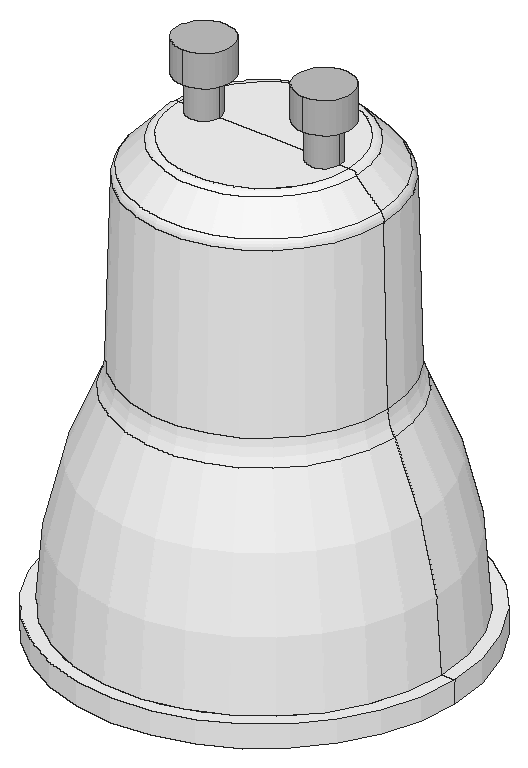
Revit family "STH8515_27", category Luminárias, Revit 2023
Family settings
  Cota do conector redondo = Utilizar diâmetro
  Tipo de parte = Normal
  Com base no plano de trabalho = Não
  Sempre na vertical = Sim
  Corte com vazios quando carregada = Não
  Fonte luminosa = Sim
  Manter orientação da anotação = Não
  Compartilhado = Não
  Ponto de cálculo do ambiente = Não
Parameters (values of type "STH8515/27 - BIVOLT - 2700K - 210lm - 36º")
  Ângulo de inclinação = 90.00°
  Ângulo de Abertura = "36°"
  Wattage = 1.41374 W
  Vidro = Vidro
  URL = "https://stella.com.br/"
  Troca de temperatura da cor de lâmpada com esmaecimento = <Nenhum>
  Tensão Elétrica = "100V-240V"
  built-in parameter 1150107 = 2700 (stored number, unit not read)
  Temperatura da cor (K) = 2700 K
  Referência = "STH8515/27 - BIVOLT"
  Potência = 3.5 W
  built-in parameter 1150110 = 1 (stored number, unit not read)
  built-in parameter 1150109 = 1 (stored number, unit not read)
  built-in parameter 1114218 = 1 (stored number, unit not read)
  built-in parameter 1150112 = 1 (stored number, unit not read)
  built-in parameter 1150113 = 1 (stored number, unit not read)
  built-in parameter 1150132 = 2
  built-in parameter 1150137 = (empty or 0)
  Modelo = "Mini Dicroica MR11 ECO - Dimerizável BDT\r\nAR70 PRO 7º 4,7W\r\nAR 70 PRO 7º 4,7W"
  Luminoso [instance] = Luminoso - 2700K
  built-in parameter 1150106 = 0.16711 (stored number, unit not read)
  built-in parameter 1150102 = (empty or 0)
  built-in parameter 1150105 = 16.711 (stored number, unit not read)
  IRC (Índice de reprodução de cores) = ">80"
  Grau de proteção (IP) = "IP20"
  Fluxo Luminoso = 210 lm
  Color Filter = 16777215
  built-in parameter 1114217 = 1 (stored number, unit not read)
  built-in parameter 1150139 = (empty or 0)
  Fabricante = "Stella"
  Estrutura [instance] = Al - Branco
  Default Elevation = 0.00 m
  built-in parameter 1150104 = 13.8 (stored number, unit not read)
  Diâmetro = 0.035 m
  Dimerização = "20-100%"
  built-in parameter 1150115 = 1 (stored number, unit not read)
  built-in parameter 1150114 = 1 (stored number, unit not read)
  Cromado = Cromado
  Lumens = 210 lm
  built-in parameter 1150138 = (empty or 0)
  built-in parameter 1150134 = (empty or 0)
  Arquivo de rede fotométrica = "STELLA - STH8515-27 - MINI DICROICA 3,5W DIM.ies"
  Altura = 0.046961 m
  built-in parameter 1150133 = 10 (stored number, unit not read)
Reference planes (m)
  plane 1 "Centro (Frente/Trás)": y = 0
  plane 2: z = 0
  plane 3 "Centro (Esquerda/Direita)": x = 0
  plane 4: x = 0.0175
  plane 5: x = -0.0175
  plane 6 "Superior": z = 0.044961
  plane 7 "Base": z = -0.002
  plane 8: y = 0.0175
  plane 9: y = -0.0175
Forms (m)
  Revolve 1, solid, material "Vidro" <- "Vidro"
    sketch origin (0, 0, -0.007567) x (1, 0, 0) y (0, 0, 1)
      loop
        arc (-0.0051, 0.006418) -> (-0.002575, 0.005881) -> (0, 0.005702) r 0.018517
        line (0, 0.005702) -> (0, 0.007974) -> (-0.0051, 0.007974) -> (-0.010382, 0.006038) -> (-0.014775, 0.006038)
        arc (-0.014775, 0.006038) -> (-0.014904, 0.005307) -> (-0.014946, 0.004567) r 0.00642
        line (-0.014946, 0.004567) -> (-0.010197, 0.004567) -> (-0.0051, 0.006418)
      axis (0, 0.007974) -> (0, 0.004567)
    angle from 0 to 360
  Extrusion 2, solid, material "Cromado"
    sketch origin (-0.0005, 0, 0) x (1, 0, 0) y (0, 1, 0)
      loop
        circle (-0.00505, 0) r 0.00145
    from 0.0388 to 0.042061
  Extrusion 3, solid, material "Cromado"
    sketch origin (-0.00085, 0.000392, 0) x (1, 0, 0) y (0, 1, 0)
      loop
        circle (-0.0047, -0.000392) r 0.00245
    from 0.042061 to 0.044961
  Extrusion 4, solid, material "Cromado"
    sketch origin (0.0005, 0, 0) x (-1, 0, 0) y (0, -1, 0)
      loop
        circle (-0.00505, 0) r 0.00145
    from 0.0388 to 0.042061
  Revolve 5, solid, material "Luminoso - 2700K" <- "Luminoso"
    sketch origin (0, 0, -0.004764) x (1, 0, 0) y (0, 0, 1)
      loop
        line (0, 0.005171) -> (0, 0.006241) -> (-0.0051, 0.006241) -> (-0.0051, 0.005171) -> (0, 0.005171)
      axis (0, 0.006241) -> (0, 0.005171)
    angle from 0 to 360
  Revolve 6, solid, material "Cromado" <- "Cromado"
    sketch origin (0, 0, 0.000939) x (1, 0, 0) y (0, 0, 1)
      loop
        line (-0.010382, -0.002467) -> (-0.0051, -0.000531) -> (-0.0051, 0.000539) -> (-0.010324, -0.001698) -> (-0.014555, -0.001698) -> (-0.014775, -0.002467) -> (-0.010382, -0.002467)
      axis (0, 0.000539) -> (0, -0.002467)
    angle from 0 to 360
  Extrusion 7, solid, material "Cromado"
    sketch origin (0.01025, 0.000392, 0) x (1, 0, 0) y (0, 1, 0)
      loop
        circle (-0.0047, -0.000392) r 0.00245
    from 0.042061 to 0.044961
  Revolve 8, solid, material "Al - Branco" <- "Estrutura"
    sketch origin (0, 0, 0) x (1, 0, 0) y (0, 0, 1)
      loop
        arc (0.011063, 0.03545) -> (0.010975, 0.035867) -> (0.010743, 0.036224) r 0.00117
        line (0.010743, 0.036224) -> (0.008596, 0.038488)
        arc (0.008596, 0.038488) -> (0.008265, 0.038719) -> (0.00787, 0.0388) r 0.001
        line (0.00787, 0.0388) -> (0.00005, 0.0388) -> (0.00005, 0.0374) -> (0.007698, 0.0374) -> (0.009666, 0.035324) -> (0.010066, 0.020143)
        arc (0.010066, 0.020143) -> (0.01027, 0.018716) -> (0.010789, 0.017371) r 0.0064
        arc (0.010789, 0.017371) -> (0.013969, 0.008943) -> (0.01505, 0) r 0.03754
        line (0.01505, 0) -> (0.01505, -0.002) -> (0.01765, -0.002) -> (0.01765, 0) -> (0.01645, 0)
        arc (0.01645, 0) -> (0.015329, 0.009276) -> (0.01203, 0.018019) r 0.03894
        arc (0.01203, 0.018019) -> (0.011625, 0.019069) -> (0.011465, 0.020184) r 0.005
        line (0.011465, 0.020184) -> (0.011063, 0.03545)
      axis (0, 0.0388) -> (0, -0.002)
    angle from 0 to 360
Cuts and joins
  joined: Extrusion 2, Extrusion 3
Dimensions and locks (m)
  "Altura": plane 6 "Superior" to plane 7 "Base"
  "Diâmetro": plane 8 to plane 9
  aligned and locked: level to plane 2
Automatic sketch dimensions
  Revolve 1 sketch curve to plane 7 "Base" = 0.001 m
  Revolve 1 sketch curve to plane 3 "Centro (Esquerda/Direita)" = 0.00 m  (x2)
  level to Revolve 1 sketch curve = 0.000407 m
  Revolve 1 sketch curve to plane 3 "Centro (Esquerda/Direita)" = 0.0051 m
  Revolve 1 sketch curve to level = 0.001149 m
  Revolve 1 sketch curve to Revolve 1 sketch curve = 0.00 m
  Revolve 1 sketch curve to Revolve 1 sketch curve = 0.003427 m
  Revolve 1 sketch curve to Revolve 1 sketch curve = 0.001671 m
  Revolve 1 sketch curve to level = 0.001528 m
  Revolve 1 sketch curve to Revolve 1 sketch curve = 0.000185 m
  plane 5 to Revolve 1 sketch curve = 0.002725 m
  Revolve 1 sketch curve to level = 0.001865 m
  Revolve 1 sketch curve to plane 7 "Base" = 0.011049 m
  Revolve 1 sketch curve to Revolve 1 sketch curve = 0.001226 m
  plane 1 "Centro (Frente/Trás)" to Extrusion 2 sketch curve = 0.00 m
  Extrusion 2 sketch curve to plane 3 "Centro (Esquerda/Direita)" = 0.00555 m
  Extrusion 3 sketch curve to Extrusion 3 sketch curve = 0.00 m  (x2)
  plane 1 "Centro (Frente/Trás)" to Extrusion 3 sketch curve = 0.00 m
  Extrusion 3 sketch curve to plane 3 "Centro (Esquerda/Direita)" = 0.00555 m
  plane 1 "Centro (Frente/Trás)" to Extrusion 3 sketch curve = 0.00245 m
  plane 1 "Centro (Frente/Trás)" to Extrusion 4 sketch curve = 0.00 m
  plane 3 "Centro (Esquerda/Direita)" to Extrusion 4 sketch curve = 0.00555 m
  Revolve 5 sketch curve to plane 3 "Centro (Esquerda/Direita)" = 0.00 m  (x2)
  Revolve 5 sketch curve to level = 0.001 m
  level to Revolve 5 sketch curve = 0.001478 m
  Revolve 5 sketch curve to plane 3 "Centro (Esquerda/Direita)" = 0.0051 m
  Revolve 5 sketch curve to Revolve 5 sketch curve = 0.001071 m
  Revolve 5 sketch curve to Revolve 5 sketch curve = 0.001668 m
  Revolve 6 sketch curve to plane 3 "Centro (Esquerda/Direita)" = 0.00 m
  level to Revolve 6 sketch curve = 0.001478 m
  Revolve 6 sketch curve to plane 3 "Centro (Esquerda/Direita)" = 0.0051 m
  Revolve 6 sketch curve to level = 0.000759 m
  Revolve 6 sketch curve to Revolve 6 sketch curve = 0.005224 m
  Revolve 6 sketch curve to Revolve 6 sketch curve = 0.000058 m
  plane 5 to Revolve 6 sketch curve = 0.002945 m
  Revolve 6 sketch curve to level = 0.001528 m
  Revolve 6 sketch curve to Revolve 6 sketch curve = 0.000221 m
  Revolve 6 sketch curve to Revolve 6 sketch curve = 0.001071 m
  level to Revolve 6 sketch curve = 0.00079 m
  Revolve 6 sketch curve to Revolve 6 sketch curve = 0.003451 m
  Extrusion 7 sketch curve to Extrusion 7 sketch curve = 0.00 m  (x2)
  plane 1 "Centro (Frente/Trás)" to Extrusion 7 sketch curve = 0.00 m
  plane 3 "Centro (Esquerda/Direita)" to Extrusion 7 sketch curve = 0.00555 m
  plane 1 "Centro (Frente/Trás)" to Extrusion 7 sketch curve = 0.00245 m
  Revolve 8 sketch curve to Revolve 8 sketch curve = 0.00 m  (x4)
  Revolve 8 sketch curve to level = 0.00 m
  Revolve 8 sketch curve to plane 3 "Centro (Esquerda/Direita)" = 0.00 m
  Revolve 8 sketch curve to plane 7 "Base" = 0.00 m
  Revolve 8 sketch curve to plane 5 = 0.00499 m
  plane 3 "Centro (Esquerda/Direita)" to Revolve 8 sketch curve = 0.00005 m
  Revolve 8 sketch curve to Revolve 8 sketch curve = 0.007648 m
  Revolve 8 sketch curve to Revolve 8 sketch curve = 0.000172 m
  Revolve 8 sketch curve to Revolve 8 sketch curve = 0.000726 m
  Revolve 8 sketch curve to Revolve 8 sketch curve = 0.001968 m
  Revolve 8 sketch curve to Revolve 8 sketch curve = 0.000227 m
  Revolve 8 sketch curve to plane 4 = 0.007434 m
  Revolve 8 sketch curve to Revolve 8 sketch curve = 0.000849 m
  Revolve 8 sketch curve to Revolve 8 sketch curve = 0.000321 m
  Revolve 8 sketch curve to Revolve 8 sketch curve = 0.001399 m
  Revolve 8 sketch curve to plane 4 = 0.00245 m
  Revolve 8 sketch curve to plane 4 = 0.00105 m
  Revolve 8 sketch curve to plane 4 = 0.001037 m
  plane 4 to Revolve 8 sketch curve = 0.00015 m
  level to Revolve 8 sketch curve = 0.020143 m
  Revolve 8 sketch curve to Revolve 8 sketch curve = 0.000041 m
  Revolve 8 sketch curve to Revolve 8 sketch curve = 0.000148 m
  Revolve 8 sketch curve to plane 6 "Superior" = 0.009637 m
  Revolve 8 sketch curve to Revolve 8 sketch curve = 0.000094 m
  Revolve 8 sketch curve to Revolve 8 sketch curve = 0.000031 m
  Revolve 8 sketch curve to plane 6 "Superior" = 0.007561 m
  Revolve 8 sketch curve to Revolve 8 sketch curve = 0.0004 m
  Revolve 8 sketch curve to Revolve 8 sketch curve = 0.000688 m
  Revolve 8 sketch curve to plane 7 "Base" = 0.001356 m
  Revolve 8 sketch curve to plane 6 "Superior" = 0.002867 m
  radius of Extrusion 2 sketch curve = 0.00145 m
  radius of Extrusion 4 sketch curve = 0.00145 m
Connectors (m)
  electrical at (0, 0, 0.044961)
    settings: index 1, voltage 0 V, apparent load 0 VA, apparent load phase1 0 VA, apparent load phase2 0 VA, apparent load phase3 0 VA, power factor 1, load classification "Outro", number of poles 1, system type 31, power factor state 1, is connector primary yes, connector utility no, sub classification motor no, connector description ""
